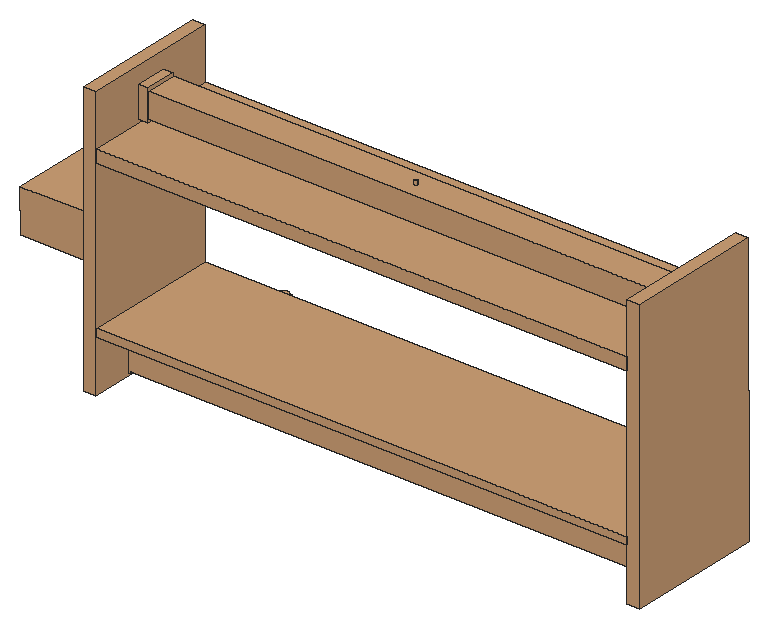
Revit family
Parameters
  Center of Unit = 0' - 0"  # constant formula
  Total Heating Capacity [instance] = 0.0 Btu/h
  Series = "VIFB"
  Outlet Area = 14.30 SF
  Lower Frame Thickness = if(Headers Height = 0' 3", 0' 1 1/4", if(Headers Height = 0' 3 1/4", 0' 1 1/4", 0' 0"))  # 0' - 1 1/4"
  Water Pressure Drop [instance] = 0.00 psi
  Water Flow [instance] = 0 GPM
  Unit Weight (lbs) = 799
  URL = "http://www.ljwing.com/"
  Water Outlet Radius = 0' - 1 1/2"
  Headers Height = if(M = 0' 1", 0' 3", if(M = 0' 1 1/2", 0' 3 1/4", 0' 0"))  # 0' - 3 1/4"
  Number of Rows = 2  # constant formula
  Number of Coils [instance] = 0
  Nominal Length = 7' - 5 3/4"
  N = 1' - 0 3/4"
  Model = "VA-8W"
  Manufacturer = "LJ Wing"
  M = 0' - 1 1/2"
  Leaving Water Temperature [instance] = 0 °F
  Leaving Air Temperature [instance] = 0 °F
  Entering Water Temperature [instance] = 0 °F
  Entering Air Temperature [instance] = 0 °F
  Description = "Vertical Integral Face & Bypass Water Heating Coils"
  Hot Water Inlet  Radius = 0' - 1 1/2"
  Coil Face Area = Outlet Area * 0.56  # 8.008 SF
  Casing Material = ""
  Assembly Code = "D3020300"
  Air Vent Radius = 0' - 0 1/4"
  Air Pressure Drop [instance] = 0.00 in-wg
  Air Inlet Width = Nominal Length - 0' 4"  # 7' - 1 3/4"
  Air Inlet Height = Y  # 2' - 0"
  Air Flow [instance] = 0 CFM
  Y = 2' - 0"
  S = 0' - 9 3/4"  # constant formula
  Product URL = "http://www.ljwing.com/html/vifb.asp"
  OmniClass = "23-75 70 21 14 "
  Nominal Height = 3' - 8"
  Nominal Depth = 1' - 10"
  R = 0' - 10 1/4"  # constant formula
  Q = 0' - 2 7/8"
Reference planes (in)
  plane 1 "Center (Front/Back)": y = 0
  plane 2: z = -12
  plane 3 "Center (Left/Right)": x = 0
  plane 4: z = 22.25
  plane 5: x = -44.875
  plane 6: x = 44.875
  plane 7: z = -21.75
  plane 8: z = 0
  plane 9: y = -11
  plane 10: y = 11
  plane 11: z = 12
  plane 12: z = 14
  plane 13: z = -13.25
  plane 14: x = 42.875
  plane 15: x = -42.875
  plane 16: x = -42
  plane 17: x = 42
  plane 18: y = 14.0625
  plane 19: x = -55.875
  plane 20: z = 19.125
  plane 21: z = 15.125
  plane 22: y = -2.5
  plane 23: y = 2.5
  plane 24: y = -4.5
  plane 25: z = -19.375
  plane 26: x = -32.125
  plane 27: x = 32.125
  plane 28: z = -15.375
Forms (in)
  Extrusion 1, solid, material "Painted Finish"
    sketch origin (0, 6, -9.75) x (1, 0, 0) y (0, 0, 1)
      loop
        line (-44.875, -12) -> (-42.875, -12) -> (-42.875, 32) -> (-44.875, 32) -> (-44.875, -12)
      loop
        line (44.875, -12) -> (44.875, 32) -> (42.875, 32) -> (42.875, -12) -> (44.875, -12)
    from -5 to 17
  Extrusion 2, solid, material "Painted Finish"
    sketch origin (0, 6, 0) x (1, 0, 0) y (0, 0, 1)
      loop
        line (42.875, -12) -> (-42.875, -12) -> (-42.875, -13.25) -> (42.875, -13.25) -> (42.875, -12)
      loop
        line (42.875, 12) -> (42.875, 14) -> (-42.875, 14) -> (-42.875, 12) -> (42.875, 12)
    from -5 to 17
  Extrusion 3, solid, material "Painted Finish"
    sketch origin (0, 10, -0.5) x (1, 0, 0) y (0, 0, 1)
      loop
        line (-44.875, 4) -> (-55.875, 4) -> (-55.875, -3) -> (-44.875, -3) -> (-44.875, 4)
    from 0 to 20
  Extrusion 4, solid, material "Painted Finish"
    sketch origin (0, 6, 0) x (1, 0, 0) y (0, 0, 1)
      loop
        line (-41.25, 19.125) -> (-41.25, 15.125) -> (41.25, 15.125) -> (41.25, 19.125) -> (-41.25, 19.125)
    from 3.5 to 8.5
  Extrusion 5, solid, material "Painted Finish"
    sketch origin (0, 0, 0) x (1, 0, 0) y (0, 0, 1)
      loop
        line (-41.25, 14.625) -> (-41.25, 19.625) -> (-42.875, 19.625) -> (-42.875, 14.625) -> (-41.25, 14.625)
      loop
        line (42.875, 14.625) -> (42.875, 19.625) -> (41.25, 19.625) -> (41.25, 14.625) -> (42.875, 14.625)
    from -2.5 to 2.5
  Extrusion 6, solid, material "Painted Finish"
    sketch origin (0, 6, 0) x (1, 0, 0) y (0, 0, 1)
      loop
        line (-42.375, -13.75) -> (-42.375, -13.5) -> (-42.875, -13.5) -> (-42.875, -17.25) -> (-42.375, -17.25) -> (-42.375, -17) -> (42.375, -17) -> (42.375, -17.25) -> (42.875, -17.25) -> (42.875, -13.5) -> (42.375, -13.5) -> (42.375, -13.75) -> (-42.375, -13.75)
      loop
        line (42.375, -21) -> (42.375, -21.125) -> (42.875, -21.125) -> (42.875, -17.5) -> (42.375, -17.5) -> (42.375, -17.75) -> (-42.375, -17.75) -> (-42.375, -17.5) -> (-42.875, -17.5) -> (-42.875, -21.25) -> (-42.375, -21.25) -> (-42.375, -21) -> (42.375, -21)
    from -5 to 10.5
  Extrusion 7, void
    sketch origin (0, 0, 0) x (1, 0, 0) y (0, 0, 1)
      loop
        line (-42.875, 12) -> (-42.875, -12) -> (42.875, -12) -> (42.875, 12) -> (-42.875, 12)
    from -11 to 11
  Extrusion 8, solid, material "Painted Finish"
    sketch origin (0, 0, 0) x (1, 0, 0) y (0, 0, 1)
      loop
        circle (32.125, -19.375) r 1.5
      loop
        circle (-32.125, -15.375) r 1.5
    from -14.0625 to -11
  Extrusion 9, solid, material "Painted Finish"
    sketch origin (0, 0, 0) x (1, 0, 0) y (0, 1, 0)
      loop
        circle (0, 0) r 0.25
    from 19.125 to 19.625
Cuts and joins
  Extrusion 7 cuts Extrusion 1
  Extrusion 7 cuts Extrusion 2
Dimensions and locks (in)
  "Nominal Length": plane 6 to plane 5
  equal spacing: plane 6, plane 3 "Center (Left/Right)", plane 5
  "S": plane 2 to plane 7
  "Nominal Depth": plane 10 to plane 9
  equal spacing: plane 10, plane 1 "Center (Front/Back)", plane 9
  "Y": plane 11 to plane 2
  "R": plane 4 to plane 11
  locked: plane 12 to plane 11 at 2
  "Lower Frame Thickness": plane 2 to plane 13
  "Q": plane 16 to plane 5
  "Q": plane 6 to plane 17
  locked: plane 18 to plane 10 at 3.0625
  locked: plane 5 to plane 19 at 11
  locked: Extrusion 3 sketch curve to Extrusion 3 sketch curve at 7
  locked: Extrusion 3 to Extrusion 3 at 20
  locked: plane 6 to plane 14 at 2
  locked: plane 15 to plane 5 at 2
  locked: Extrusion 5 sketch curve to plane 20 at 0.5
  locked: plane 21 to Extrusion 5 sketch curve at 0.5
  locked: plane 20 to plane 21 at 4
  locked: plane 23 to plane 22 at 5
  equal spacing: plane 23, plane 1 "Center (Front/Back)", plane 22
  locked: plane 22 to plane 24 at 2
  plane 4 to plane 7 = 3' - 8"
  locked: Extrusion 5 sketch curve to Extrusion 1 at 1.625
  locked: Extrusion 5 sketch curve to Extrusion 5 sketch curve at 1.625
  locked: Extrusion 7 sketch curve to plane 11 at 0
  locked: Extrusion 7 sketch curve to plane 15 at 0
  locked: Extrusion 7 sketch curve to plane 14 at 0
  locked: plane 15 to Extrusion 6 sketch curve at 0.5
  locked: Extrusion 6 sketch curve to Extrusion 6 sketch curve at 0.25  (x2)
  locked: plane 25 to plane 7 at 2.375
  "N": plane 26 to plane 5
  "N": plane 6 to plane 27
  locked: plane 28 to plane 7 at 6.375
  "Headers Height": Extrusion 6 sketch curve to Extrusion 6 sketch curve  (x2)
  locked: Extrusion 8 sketch curve to plane 25 at 0
  locked: Extrusion 8 sketch curve to plane 28 at 0
  locked: Extrusion 9 sketch curve to plane 1 "Center (Front/Back)" at 0
  locked: Extrusion 9 sketch curve to plane 3 "Center (Left/Right)" at 0
  equal spacing: Extrusion 6 sketch curve, plane 28, Extrusion 6 sketch curve
  equal spacing: Extrusion 6 sketch curve, plane 25, Extrusion 6 sketch curve
  locked: plane 4 to plane 20 at 3.125
  locked: Extrusion 7 sketch curve to plane 2 at 0
  equal spacing: plane 11, plane 8, plane 2
  locked: Extrusion 8 sketch curve to plane 27 at 0
  locked: Extrusion 8 sketch curve to plane 26 at 0
  "M": radius of Extrusion 8 sketch curve  (x2)
  "Air Vent Radius": radius of Extrusion 9 sketch curve
  aligned and locked: plane 9 to Extrusion 1
  aligned and locked: Extrusion 1 to plane 10
  aligned and locked: plane 15 to Extrusion 1
  aligned and locked: Extrusion 1 to plane 14
  aligned and locked: plane 9 to Extrusion 2
  aligned and locked: Extrusion 1 to plane 9
  aligned and locked: plane 10 to Extrusion 1  (x2)
  aligned and locked: Extrusion 2 to plane 10
  aligned and locked: plane 10 to Extrusion 2  (x2)
  aligned and locked: Extrusion 2 to plane 9  (x2)
  aligned and locked: plane 5 to Extrusion 3
  aligned and locked: Extrusion 5 sketch curve to plane 15
  aligned and locked: Extrusion 5 sketch curve to Extrusion 4
  aligned and locked: Extrusion 1 to Extrusion 6
  aligned and locked: plane 22 to Extrusion 5
  aligned and locked: Extrusion 5 to Extrusion 4  (x2)
  aligned and locked: Extrusion 5 to plane 23
  aligned and locked: plane 24 to Extrusion 6
  aligned and locked: Extrusion 4 to Extrusion 5  (x2)
  aligned and locked: Extrusion 5 to Extrusion 1  (x2)
  aligned and locked: Extrusion 1 to Extrusion 7  (x2)
  aligned and locked: Extrusion 8 to plane 18
  aligned and locked: plane 10 to Extrusion 8
  aligned and locked: plane 20 to Extrusion 9
  aligned and locked: Extrusion 9 to Extrusion 5
  aligned and locked: plane 2 to cut or joined group of Extrusion 2, Extrusion 7
  aligned and locked: plane 6 to Extrusion 1 sketch curve
  aligned and locked: plane 14 to Extrusion 1 sketch curve
  aligned and locked: Extrusion 1 sketch curve to plane 15
  aligned and locked: Extrusion 1 sketch curve to plane 5
  aligned and locked: Extrusion 1 sketch curve to plane 4  (x2)
  aligned and locked: plane 7 to Extrusion 1 sketch curve  (x2)
  aligned and locked: Extrusion 2 sketch curve to plane 11
  aligned and locked: Extrusion 2 sketch curve to plane 12
  aligned and locked: plane 2 to Extrusion 2 sketch curve
  aligned and locked: Extrusion 2 sketch curve to plane 13
  aligned and locked: Extrusion 2 sketch curve to plane 14  (x2)
  aligned and locked: Extrusion 2 sketch curve to plane 15  (x2)
  aligned and locked: plane 20 to Extrusion 4 sketch curve
  aligned and locked: Extrusion 4 sketch curve to plane 21
  aligned and locked: Extrusion 6 sketch curve to plane 14  (x2)
  aligned and locked: plane 15 to Extrusion 6 sketch curve  (x2)
Automatic sketch dimensions
  Extrusion 3 sketch curve to plane 19 = 0' - 0"
  Extrusion 3 sketch curve to plane 5 = 0' - 0"
  plane 8 to Extrusion 3 sketch curve = 0' - 3 1/2"
  plane 16 to Extrusion 4 sketch curve = 0' - 0 3/4"
  Extrusion 4 sketch curve to plane 17 = 0' - 0 3/4"
  plane 21 to Extrusion 5 sketch curve = 0' - 0 1/2"
  Extrusion 5 sketch curve to plane 20 = 0' - 0 1/2"
  plane 15 to Extrusion 6 sketch curve = 0' - 0 1/2"  (x2)
  Extrusion 6 sketch curve to Extrusion 6 sketch curve = 0' - 0 1/4"  (x5)
  Extrusion 6 sketch curve to Extrusion 6 sketch curve = 0' - 0"  (x2)
  Extrusion 6 sketch curve to plane 14 = 0' - 0 1/2"  (x2)
  Extrusion 6 sketch curve to Extrusion 6 sketch curve = 0' - 0 1/2"
  Extrusion 6 sketch curve to plane 7 = 0' - 0 5/8"
Connectors (in)
  hvac at (0, -11, 0), driven by "Air Inlet Height", driven by "Air Inlet Width", driven by "Air Flow", driven by "Air Pressure Drop"
    settings: on Extrusion 7, index 1
  hvac at (0, 11, 0), driven by "Air Pressure Drop", driven by "Air Inlet Height", driven by "Air Inlet Width", driven by "Air Flow"
    settings: on Extrusion 7, index 2
  piping at (-32.125, 14.0625, -15.375), driven by "M", driven by "Water Flow", driven by "Water Pressure Drop"
    settings: on Extrusion 8, index 4
  piping at (32.125, 14.0625, -19.375), driven by "Water Pressure Drop", driven by "Water Flow", driven by "M"
    settings: on Extrusion 8, index 5
